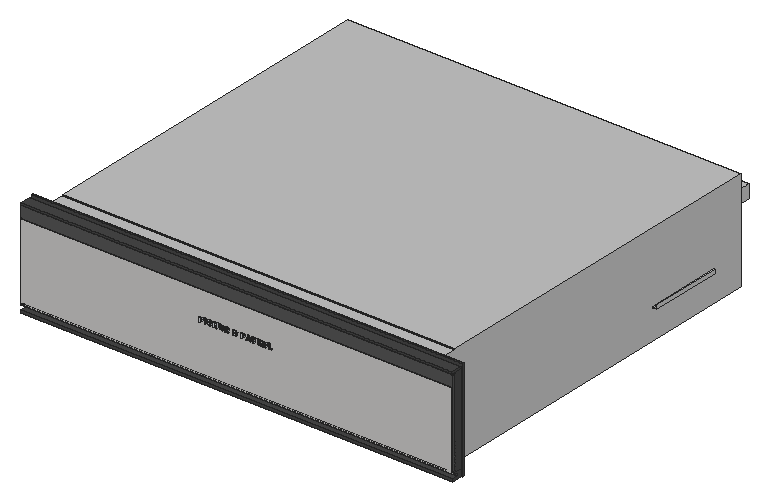
Revit family "FP_Revit_18_VB60SDEX1_Vacuum_Drawer_90001833A", category Specialty Equipment, Revit 2018
Family settings
  Round Connector Dimension = Use Diameter
  Part Type = Normal
  OmniClass Number = 23.40.40.00
  OmniClass Title = Food Service Equipment and Furnishings
  Work Plane-Based = No
  Always vertical = Yes
  Cut with Voids When Loaded = Yes
  Shared = No
  Room Calculation Point = No
Parameters (values of type "VB60SDEX1")
  Visibility - Clearance Required = yes
  URL = "www.fisherpaykel.com"
  Product - Width = 596 mm  # constant formula
  Product - Height = 140 mm  # constant formula
  Product - Depth = 567 mm  # constant formula
  Model = "VB60SDEX1"
  Material - Trim = Fisher & Paykel - Black
  Material - Structure = Fisher & Paykel - Black
  Material - Glass = Fisher & Paykel - Glass, Black
  Material - Door Front = Fisher & Paykel - Stainless Steel
  Material - Body = Fisher & Paykel - Grey
  Manufacturer = "Fisher & Paykel Appliances"
  FFL Offset [instance] = 740 mm
  Description = "60cm Vacuum Drawer"
  Connector Description - Electrical = "220-240 V, 50 Hz, 10 A"
  Chassis - Width = 543 mm  # constant formula
  Chassis - Height = 140 mm  # constant formula
  Chassis - Depth = 545 mm  # constant formula
  Cavity - Width = 560 mm  # constant formula
  Cavity - Height = 142 mm  # constant formula
  Cavity - Depth = 550 mm  # constant formula
Reference planes
  plane 1 "Center (Front/Back)": y = 0
  plane 2: z = 0
  plane 3 "Center (Left/Right)": x = 0
  plane 4 "Cavity - Height": z = 882
  plane 5 "Product LHS": x = -298
  plane 6 "Product RHS": x = 298
  plane 7 "Cavity LHS": x = -300
  plane 8 "Cavity RHS": x = 300
  plane 9 "Cavity - Depth": y = 550
  plane 10 "Front Face": y = -21.6
  plane 11 "Chassis - Height": z = 880
  plane 12 "FFL Offset": z = 740
  plane 13 "Product - Depth": y = 545
Forms (mm)
  Extrusion 1, solid, material "Fisher & Paykel - Grey" <- "Material - Body"
    sketch origin (0, 0, 0) x (0, 1, 0) y (0, 0, 1)
      loop
        line (18, 880) -> (18, 879) -> (0, 879) -> (0, 740) -> (511, 740) -> (511, 880) -> (18, 880)
    from -271.5 to 271.5
  Extrusion 2, solid, material "Fisher & Paykel - Black" <- "Material - Structure", detail levels fine
    sketch origin (0, 0, 0) x (0, 1, 0) y (0, 0, 1)
      loop
        line (-6, 875) -> (-15.9, 875) -> (-15.9, 751.6) -> (-6, 751.6) -> (-6, 875)
    from -298 to 298
  Extrusion 3, solid, material "Fisher & Paykel - Black" <- "Material - Structure", detail levels fine
    sketch origin (0, 0, 0) x (0, 1, 0) y (0, 0, 1)
      loop
        line (-2, 880) -> (-2, 740) -> (0, 740) -> (0, 880) -> (-2, 880)
    from -298 to 298
  Extrusion 4, solid, material "Fisher & Paykel - Black" <- "Material - Trim", detail levels fine
    sketch origin (0, 0, 0) x (0, 1, 0) y (0, 0, 1)
      loop
        line (-14.6, 748.6) -> (-11, 748.6) -> (-11, 745) -> (-19.9, 745) -> (-19.9, 742) -> (-6, 742) -> (-6, 751.6) -> (-18.226, 751.6) -> (-14.6, 748.6)
    from -298 to 298
  Extrusion 5, solid, material "Fisher & Paykel - Grey" <- "Material - Body"
    sketch origin (0, 0, 0) x (1, 0, 0) y (0, 0, 1)
      loop
        line (255, 848) -> (230, 848) -> (230, 829) -> (255, 829) -> (255, 848)
    from -545 to -511
  Extrusion 6, solid, material "Fisher & Paykel - Grey" <- "Material - Body", detail levels fine
    sketch origin (0, 0, 0) x (0, 1, 0) y (0, 0, 1)
      loop
        circle (534.996, 838.517) r 8
    from 190 to 230
  Extrusion 7, solid, material "Fisher & Paykel - Stainless Steel" <- "Material - Door Front", detail levels fine
    sketch origin (0, 0, 0) x (1, 0, 0) y (0, 0, 1)
      loop
        line (-298, 858.6) -> (-298, 751.6) -> (298, 751.6) -> (298, 858.6) -> (-298, 858.6)
    from 19.9 to 21.6
  Extrusion 8, solid, material "Fisher & Paykel - Clearance Required", visible <- "Visibility - Clearance Required", detail levels coarse
    sketch origin (0, 0, 0) x (1, 0, 0) y (0, 1, 0)
      loop
        line (-280, 0) -> (280, 0) -> (280, 550) -> (-280, 550) -> (-280, 0)
    from 740 to 882
  Extrusion 9, solid, material "Fisher & Paykel - Clearance Required", visible <- "Visibility - Clearance Required", detail levels coarse
    sketch origin (0, 41, 0) x (0, 1, 0) y (0, 0, 1)
      loop
        line (-476.6, 740) -> (-41, 740) -> (-41, 882) -> (-476.6, 882) -> (-476.6, 740)
    from -300 to 300
  Extrusion 10, solid, material "Fisher & Paykel - Stainless Steel" <- "Material - Door Front", detail levels coarse+medium
    sketch origin (0, 0, 0) x (0, 1, 0) y (0, 0, 1)
      loop
        line (-21.6, 878) -> (-21.6, 740) -> (0, 740) -> (0, 878) -> (-21.6, 878)
    from -298 to 298
  Extrusion 11, solid, material "Fisher & Paykel - Black" <- "Material - Structure", detail levels fine
    sketch origin (0, 0, 0) x (0, 1, 0) y (0, 0, 1)
      loop
        line (-2, 745) -> (-2, 859) -> (-6, 859) -> (-6, 745) -> (-2, 745)
    from -258.5 to 258.5
  Extrusion 12, solid, material "Fisher & Paykel - Black" <- "Material - Trim", detail levels fine
    sketch origin (0, 0, 0) x (0, 1, 0) y (0, 0, 1)
      loop
        line (-6, 878) -> (-20.4, 878) -> (-20.4, 875) -> (-6, 875) -> (-6, 878)
    from -298 to 298
  Extrusion 13, solid, material "Fisher & Paykel - Glass, Black" <- "Material - Glass", detail levels fine
    sketch origin (0, 0, 0) x (1, 0, 0) y (0, 0, 1)
      loop
        arc (-296, 875) -> (-297.414, 874.414) -> (-298, 873) r 2
        line (-298, 873) -> (-298, 753.6)
        arc (-298, 753.6) -> (-297.414, 752.186) -> (-296, 751.6) r 2
        line (-296, 751.6) -> (296, 751.6)
        arc (296, 751.6) -> (297.414, 752.186) -> (298, 753.6) r 2
        line (298, 753.6) -> (298, 873)
        arc (298, 873) -> (297.414, 874.414) -> (296, 875) r 2
        line (296, 875) -> (-296, 875)
    from 15.9 to 19.9
  Extrusion 14, solid, material "Fisher & Paykel - Grey" <- "Material - Body", detail levels fine
    sketch origin (0, 0, 0) x (1, 0, 0) y (0, 0, 1)
      loop
        circle (-120, 813) r 22.97
    from -528 to -511
  Extrusion 15, solid, material "Fisher & Paykel - Grey" <- "Material - Body", detail levels fine
    sketch origin (0, 0, 0) x (1, 0, 0) y (0, 0, 1)
      loop
        line (-277.75, 787.5) -> (-277.75, 782.5) -> (-272, 782.5) -> (-272, 783.5) -> (-276.5, 783.5) -> (-276.5, 787.5) -> (-277.75, 787.5)
      loop
        line (277.75, 787.5) -> (276.5, 787.5) -> (276.5, 783.5) -> (272, 783.5) -> (272, 782.5) -> (277.75, 782.5) -> (277.75, 787.5)
    from -458 to -358
  Extrusion 16, void
    sketch origin (0, 0, 0) x (1, 0, 0) y (0, 1, 0)
      loop
        line (-280, 0) -> (280, 0) -> (280, 550) -> (-280, 550) -> (-280, 0)
    from 740 to 882
  Extrusion 17, void
    sketch origin (0, 0, 0) x (0, 1, 0) y (0, 0, 1)
      loop
        line (-21.6, 740) -> (0, 740) -> (0, 882) -> (-21.6, 882) -> (-21.6, 740)
    from -300 to 300
Text (mm)
  text "Due to ongoing product development, product details are subject to change without notice. \nPlease always refer to www.fisherpaykel.com for the most current product information. \n© Fisher & Paykel 2020" at (41.04, -543.295, 0), in view "Ref. Level (Plan)"
Dimensions and locks
  equal spacing: plane 5 "Product LHS", plane 3 "Center (Left/Right)", plane 6 "Product RHS"
  "Product - Width": plane 5 "Product LHS" to plane 6 "Product RHS"
  equal spacing: plane 7 "Cavity LHS", plane 3 "Center (Left/Right)", plane 8 "Cavity RHS"
  "Cavity - Depth": plane 9 "Cavity - Depth" to plane 1 "Center (Front/Back)"
  equal spacing: Extrusion 1, plane 3 "Center (Left/Right)", Extrusion 1
  equal spacing: Extrusion 8, plane 3 "Center (Left/Right)", Extrusion 8
  "Cavity - Width": Extrusion 8 to Extrusion 8
  "FFL Offset": plane 12 "FFL Offset" to level
  Extrusion 4 to plane 12 "FFL Offset" = 11.6 mm
  locked: Extrusion 10 to plane 11 "Chassis - Height" at 2
  locked: plane 7 "Cavity LHS" to plane 8 "Cavity RHS" at 600
  locked: nested 1 to plane 12 "FFL Offset" at 79
  "Product - Height": plane 11 "Chassis - Height" to plane 12 "FFL Offset"
  "Cavity - Height": plane 4 "Cavity - Height" to plane 12 "FFL Offset"
  Extrusion 15 to Extrusion 15 = 555.5 mm
  Extrusion 1 to Extrusion 1 = 543 mm
  locked: plane 1 "Center (Front/Back)" to plane 10 "Front Face" at 21.6
  "Chassis - Depth": plane 1 "Center (Front/Back)" to plane 13 "Product - Depth"
  plane 10 "Front Face" to plane 13 "Product - Depth" = 566.6 mm
  "Chassis - Width": Extrusion 1 to Extrusion 1
  locked: Extrusion 15 to plane 12 "FFL Offset" at 42.5
  locked: plane 12 "FFL Offset" to Extrusion 4 at 11.6
  plane 10 "Front Face" to Extrusion 9 = 414 mm
  aligned and locked: level to plane 2
  aligned and locked: Extrusion 10 to Extrusion 3
  aligned and locked: Extrusion 9 to Extrusion 3
  aligned and locked: Extrusion 1 to plane 11 "Chassis - Height"
  aligned and locked: plane 4 "Cavity - Height" to Extrusion 8
  aligned and locked: Extrusion 3 to plane 11 "Chassis - Height"
  aligned and locked: Extrusion 13 sketch curve to plane 5 "Product LHS"
  aligned and locked: plane 6 "Product RHS" to Extrusion 13 sketch curve
  aligned and locked: Extrusion 1 to plane 12 "FFL Offset"
  aligned and locked: Extrusion 12 to plane 6 "Product RHS"
  aligned and locked: plane 5 "Product LHS" to Extrusion 12
  aligned and locked: Extrusion 5 to Extrusion 1
  aligned and locked: Extrusion 13 to Extrusion 2
  aligned and locked: Extrusion 4 to Extrusion 2
  aligned and locked: Extrusion 11 to Extrusion 3
  aligned and locked: Extrusion 11 to Extrusion 2
  aligned and locked: Extrusion 9 sketch curve to plane 4 "Cavity - Height"
  aligned and locked: Extrusion 2 sketch curve to Extrusion 4
  aligned and locked: Extrusion 8 to plane 12 "FFL Offset"
  aligned and locked: Extrusion 7 to Extrusion 2
  aligned and locked: plane 4 "Cavity - Height" to Extrusion 16
  aligned and locked: Extrusion 16 to plane 12 "FFL Offset"
  aligned and locked: Extrusion 16 to Extrusion 8  (x2)
  aligned and locked: Extrusion 9 to plane 1 "Center (Front/Back)"
Automatic sketch dimensions
  Extrusion 1 sketch curve to plane 1 "Center (Front/Back)" = 0 mm
  plane 11 "Chassis - Height" to Extrusion 1 sketch curve = 0 mm
  Extrusion 1 sketch curve to plane 12 "FFL Offset" = 0 mm
  plane 11 "Chassis - Height" to Extrusion 1 sketch curve = 1 mm
  Extrusion 1 sketch curve to plane 1 "Center (Front/Back)" = 18 mm
  plane 13 "Product - Depth" to Extrusion 1 sketch curve = 34 mm
  plane 10 "Front Face" to Extrusion 2 sketch curve = 5.7 mm
  plane 1 "Center (Front/Back)" to Extrusion 2 sketch curve = 6 mm
  plane 11 "Chassis - Height" to Extrusion 2 sketch curve = 5 mm
  Extrusion 3 sketch curve to plane 12 "FFL Offset" = 0 mm
  plane 11 "Chassis - Height" to Extrusion 3 sketch curve = 0 mm
  Extrusion 3 sketch curve to plane 1 "Center (Front/Back)" = 0 mm
  plane 1 "Center (Front/Back)" to Extrusion 3 sketch curve = 2 mm
  plane 10 "Front Face" to Extrusion 4 sketch curve = 1.7 mm
  plane 10 "Front Face" to Extrusion 4 sketch curve = 3.374 mm
  Extrusion 4 sketch curve to Extrusion 4 sketch curve = 3.626 mm
  Extrusion 4 sketch curve to Extrusion 4 sketch curve = 3.6 mm  (x2)
  plane 12 "FFL Offset" to Extrusion 4 sketch curve = 2 mm
  Extrusion 4 sketch curve to Extrusion 4 sketch curve = 5 mm
  plane 12 "FFL Offset" to Extrusion 4 sketch curve = 5 mm
  Extrusion 4 sketch curve to Extrusion 4 sketch curve = 3 mm
  plane 11 "Chassis - Height" to Extrusion 5 sketch curve = 32 mm
  plane 6 "Product RHS" to Extrusion 5 sketch curve = 68 mm
  Extrusion 5 sketch curve to Extrusion 5 sketch curve = 25 mm
  Extrusion 5 sketch curve to Extrusion 5 sketch curve = 19 mm
  plane 13 "Product - Depth" to Extrusion 6 sketch curve = 10.004 mm
  plane 11 "Chassis - Height" to Extrusion 6 sketch curve = 41.483 mm
  plane 5 "Product LHS" to Extrusion 7 sketch curve = 0 mm
  plane 6 "Product RHS" to Extrusion 7 sketch curve = 0 mm
  plane 12 "FFL Offset" to Extrusion 7 sketch curve = 11.6 mm
  plane 11 "Chassis - Height" to Extrusion 7 sketch curve = 21.4 mm
  Extrusion 8 sketch curve to plane 9 "Cavity - Depth" = 0 mm
  plane 1 "Center (Front/Back)" to Extrusion 8 sketch curve = 0 mm
  Extrusion 8 sketch curve to plane 5 "Product LHS" = 18 mm
  plane 6 "Product RHS" to Extrusion 8 sketch curve = 18 mm
  Extrusion 9 sketch curve to plane 12 "FFL Offset" = 0 mm
  Extrusion 9 sketch curve to plane 1 "Center (Front/Back)" = 0 mm
  Extrusion 9 sketch curve to plane 10 "Front Face" = 414 mm
  Extrusion 10 sketch curve to plane 10 "Front Face" = 0 mm
  Extrusion 10 sketch curve to plane 1 "Center (Front/Back)" = 0 mm
  Extrusion 10 sketch curve to plane 12 "FFL Offset" = 0 mm
  plane 11 "Chassis - Height" to Extrusion 10 sketch curve = 2 mm
  plane 1 "Center (Front/Back)" to Extrusion 11 sketch curve = 6 mm
  plane 1 "Center (Front/Back)" to Extrusion 11 sketch curve = 2 mm
  plane 12 "FFL Offset" to Extrusion 11 sketch curve = 5 mm
  plane 11 "Chassis - Height" to Extrusion 11 sketch curve = 21 mm
  plane 10 "Front Face" to Extrusion 12 sketch curve = 1.2 mm
  plane 1 "Center (Front/Back)" to Extrusion 12 sketch curve = 6 mm
  plane 11 "Chassis - Height" to Extrusion 12 sketch curve = 5 mm
  plane 11 "Chassis - Height" to Extrusion 12 sketch curve = 2 mm
  Extrusion 13 sketch curve to plane 5 "Product LHS" = 2 mm  (x2)
  plane 6 "Product RHS" to Extrusion 13 sketch curve = 2 mm  (x2)
  plane 12 "FFL Offset" to Extrusion 13 sketch curve = 11.6 mm
  plane 11 "Chassis - Height" to Extrusion 13 sketch curve = 7 mm
  Extrusion 14 sketch curve to plane 3 "Center (Left/Right)" = 120 mm
  plane 11 "Chassis - Height" to Extrusion 14 sketch curve = 67 mm
  Extrusion 15 sketch curve to plane 5 "Product LHS" = 20.25 mm
  Extrusion 15 sketch curve to Extrusion 15 sketch curve = 1.25 mm  (x2)
  Extrusion 15 sketch curve to Extrusion 15 sketch curve = 4.5 mm  (x2)
  plane 6 "Product RHS" to Extrusion 15 sketch curve = 26 mm
  plane 12 "FFL Offset" to Extrusion 15 sketch curve = 42.5 mm  (x2)
  Extrusion 15 sketch curve to Extrusion 15 sketch curve = 1 mm  (x2)
  Extrusion 15 sketch curve to Extrusion 15 sketch curve = 4 mm  (x2)
  Extrusion 16 sketch curve to plane 9 "Cavity - Depth" = 0 mm
  plane 1 "Center (Front/Back)" to Extrusion 16 sketch curve = 0 mm
  Extrusion 16 sketch curve to plane 5 "Product LHS" = 18 mm
  plane 6 "Product RHS" to Extrusion 16 sketch curve = 18 mm
  Extrusion 17 sketch curve to plane 4 "Cavity - Height" = 0 mm
  Extrusion 17 sketch curve to plane 12 "FFL Offset" = 0 mm
  Extrusion 17 sketch curve to plane 1 "Center (Front/Back)" = 0 mm
  Extrusion 17 sketch curve to plane 10 "Front Face" = 0 mm
  radius of Extrusion 6 sketch curve = 8 mm
  radius of Extrusion 14 sketch curve = 22.97 mm
Nested families
  nested 1: "F&P Logo 100mm" at (0, -21.6, 819.109), type "Grey"
Connectors
  electrical at (190, 534.996, 838.517), driven by "Connector Description - Electrical"
    settings: on Extrusion 6, index 1, voltage 230 V, apparent load 0 VA, apparent load phase1 0 VA, apparent load phase2 0 VA, apparent load phase3 0 VA, power factor 1, load classification "Other", number of poles 1, system type 30, power factor state 1, is connector primary yes, connector utility no, sub classification motor no, connector description "220-240 V, 50 Hz, 10 A"
Definition of nested family "F&P Logo 100mm"
  Parameters (values of type "Grey")
    URL = "www.fisherpaykel.com"
    Material - Logo = none
    Manufacturer = "Fisher & Paykel Appliances"
  Types (2): name
    Chrome
    Grey
  Reference planes
    plane 1 "Center (Front/Back)": y = 0
    plane 2: z = 0
    plane 3 "Center (Left/Right)": x = 0
  Forms (mm)
    Extrusion 1, solid, material <- "Material - Logo", detail levels fine
      sketch origin (0, 0, 0) x (1, 0, 0) y (0, 0, 1)
        loop
          line (-50.044, 0) -> (-48.47, 0) -> (-48.47, 2.138) -> (-46.011, 2.138) -> (-46.011, 3.472) -> (-48.47, 3.472) -> (-48.47, 4.712) -> (-45.795, 4.712) -> (-45.795, 6.04) -> (-50.044, 6.04) -> (-50.044, 0)
        loop
          line (-42.804, 6.04) -> (-42.804, 0) -> (-41.23, 0) -> (-41.23, 6.04) -> (-42.804, 6.04)
        loop
          line (-30.724, 6.04) -> (-30.724, 0) -> (-29.151, 0) -> (-29.151, 2.42) -> (-26.839, 2.42) -> (-26.839, 0) -> (-25.265, 0) -> (-25.265, 6.04) -> (-26.839, 6.04) -> (-26.839, 3.748) -> (-29.151, 3.748) -> (-29.151, 6.04) -> (-30.724, 6.04)
        loop
          line (-21.906, 6.04) -> (-21.906, 0) -> (-17.602, 0) -> (-17.602, 1.328) -> (-20.347, 1.328) -> (-20.347, 2.42) -> (-17.838, 2.42) -> (-17.838, 3.748) -> (-20.347, 3.748) -> (-20.347, 4.712) -> (-17.602, 4.712) -> (-17.602, 6.04) -> (-21.906, 6.04)
        loop
          line (45.667, 6.04) -> (45.667, 0) -> (49.956, 0) -> (49.956, 1.328) -> (47.241, 1.328) -> (47.241, 6.04) -> (45.667, 6.04)
        loop
          line (42.431, 6.04) -> (38.112, 6.04) -> (38.112, 0) -> (42.431, 0) -> (42.431, 1.328) -> (39.687, 1.328) -> (39.687, 2.42) -> (42.195, 2.42) -> (42.195, 3.748) -> (39.687, 3.748) -> (39.687, 4.712) -> (42.431, 4.712) -> (42.431, 6.04)
        loop
          line (33.451, 3.148) -> (35.683, 6.04) -> (33.844, 6.04) -> (31.915, 3.542) -> (31.915, 6.04) -> (30.342, 6.04) -> (30.342, 0) -> (31.915, 0) -> (31.915, 2.705) -> (33.903, 0) -> (35.763, 0) -> (33.451, 3.148)
        loop
          line (21.98, 6.04) -> (24.262, 2.42) -> (24.262, 0) -> (25.837, 0) -> (25.837, 2.341) -> (28.119, 6.04) -> (26.446, 6.04) -> (25.099, 3.707) -> (23.753, 6.04) -> (21.98, 6.04)
        loop
          line (18.479, 6.04) -> (16.983, 6.04) -> (14.524, 0) -> (16.069, 0) -> (16.501, 1.112) -> (18.921, 1.112) -> (19.354, 0) -> (20.938, 0) -> (18.479, 6.04)
        loop
          line (18.4, 2.439) -> (17.693, 4.174) -> (17.018, 2.439) -> (18.4, 2.439)
        loop
          line (8.031, 6.04) -> (8.031, 0) -> (9.605, 0) -> (9.605, 1.938) -> (10.599, 1.938)
          arc (10.599, 1.938) -> (12.65, 3.989) -> (10.599, 6.04) r 2.051
          line (10.599, 6.04) -> (8.031, 6.04)
        loop
          line (9.605, 4.712) -> (9.605, 3.197) -> (10.501, 3.197)
          arc (10.501, 3.197) -> (11.259, 3.954) -> (10.501, 4.712) r 0.757
          line (10.501, 4.712) -> (9.605, 4.712)
        loop
          line (-11.783, 6.04) -> (-14.366, 6.04) -> (-14.366, 0) -> (-12.792, 0) -> (-12.792, 1.336) -> (-11.992, 1.336) -> (-10.972, 0) -> (-9.153, 0) -> (-10.694, 1.973)
          arc (-10.694, 1.973) -> (-9.678, 4.424) -> (-11.783, 6.04) r 2.179
        loop
          line (-11.897, 4.712) -> (-12.792, 4.712) -> (-12.792, 3.053) -> (-11.897, 3.053)
          arc (-11.897, 3.053) -> (-11.068, 3.882) -> (-11.897, 4.712) r 0.83
        loop
          line (0.477, 4.712) -> (0.477, 6.153) -> (-3.575, 6.153) -> (-3.575, 4.851) -> (-2.974, 4.112)
          arc (-2.974, 4.112) -> (-3.51, 0.684) -> (-0.045, 0.512) r 2.334
          line (-0.045, 0.512) -> (0.46, -0.109) -> (2.246, -0.109) -> (0.86, 1.594) -> (2.061, 3.324) -> (0.443, 3.324) -> (-0.013, 2.667) -> (-1.677, 4.712) -> (0.477, 4.712)
        loop
          arc (-2.125, 3.068) -> (-2.269, 1.668) -> (-0.868, 1.524) r 0.996
          line (-0.868, 1.524) -> (-2.125, 3.068)
        loop
          line (-35.18, 3.634) -> (-36.516, 3.91)
          arc (-36.516, 3.91) -> (-37.049, 4.443) -> (-36.516, 4.976) r 0.533
          arc (-36.516, 4.976) -> (-35.235, 4.79) -> (-34.059, 4.248) r 4.505
          line (-34.059, 4.248) -> (-34.059, 5.743)
          arc (-34.059, 5.743) -> (-35.549, 6.179) -> (-37.1, 6.109) r 4.726
          arc (-37.1, 6.109) -> (-38.536, 4.335) -> (-37.1, 2.561) r 1.814
          line (-37.1, 2.561) -> (-35.754, 2.282)
          arc (-35.754, 2.282) -> (-35.221, 1.749) -> (-35.754, 1.216) r 0.533
          arc (-35.754, 1.216) -> (-37.035, 1.402) -> (-38.211, 1.945) r 4.505
          line (-38.211, 1.945) -> (-38.211, 0.449)
          arc (-38.211, 0.449) -> (-36.72, 0.013) -> (-35.169, 0.083) r 4.726
          arc (-35.169, 0.083) -> (-33.734, 1.863) -> (-35.18, 3.634) r 1.814
      from 0 to 0.8
  Dimensions and locks
    aligned and locked: level to plane 2
